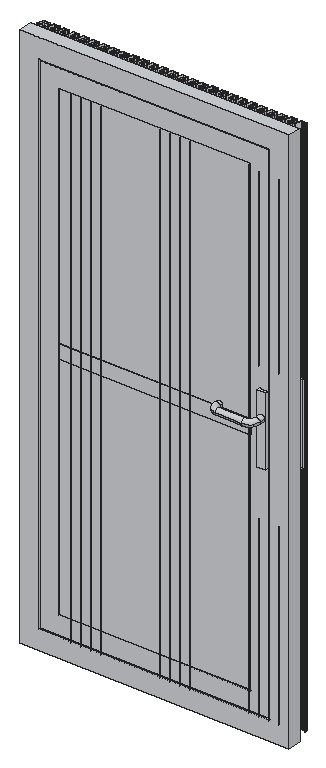
Revit family "NLRS_31_DO_WB_VS27 enkele deur-AV_jazo_jazo", category Doors, host Wall, Revit 2020
Family settings
  Host = Wall
  OmniClass Number = 23.30.10.00
  OmniClass Title = Doors
  Always vertical = Yes
  Cut with Voids When Loaded = No
  Shared = No
  Room Calculation Point = No
Parameters (values of type "TYPE CATALOG")
  URL = "www.jazo.com"
  Thickness = if(JAZO_C_forster presto kozijn, 50 mm, if(JAZO_C_aluminium kozijn, 60 mm, 50 mm))  # 50 mm
  Rough Width = NLRS_C_breedte_01  # 990 mm
  Rough Height = NLRS_C_hoogte_01  # 2010 mm
  Operation = ""
  Negge = 41 mm
  NLRS_C_zelfsluitend = no
  NLRS_C_weerstandsklasse = "Voor specificaties of mogelijkheden, neem contact op."  # constant formula
  NLRS_C_vluchtroute = "Voor specificaties of mogelijkheden, neem contact op."  # constant formula
  NLRS_C_stelruimte = if(NLRS_C_brandwerend, 10 mm, 5 mm)  # 5 mm
  NLRS_C_rookwerendheid = "Voor specificaties of mogelijkheden, neem contact op."  # constant formula
  NLRS_C_offset_02 = if(JAZO_C_calculatie_01 < 1 mm, 1 mm, if(JAZO_C_calculatie_01 < 5 mm, 1 mm, if(JAZO_C_calculatie_01 < 10 mm, 5 mm, if(JAZO_C_calculatie_01 < 15 mm, 10 mm, if(JAZO_C_calculatie_01 < 20 mm, 15 mm, if(JAZO_C_calculatie_01 < 25 mm, 20 mm, if(JAZO_C_calculatie_01 < 30 mm, 25 mm, if(JAZO_C_calculatie_01 < 35 mm, 30 mm, if(JAZO_C_calculatie_01 < 40 mm, 35 mm, 42 mm)))))))))  # 35 mm
  NLRS_C_offset_01 = (NLRS_C_breedte - 4 mm - 51.2 mm - 159.3 mm - 4 mm - NLRS_C_lengte_01) / 2  # 2.75 mm
  NLRS_C_offset = Negge  # 41 mm
  NLRS_C_merk = "Voor specificaties of mogelijkheden, neem contact op."  # constant formula
  NLRS_C_leverancier_url = "www.jazo.com"  # constant formula
  NLRS_C_leverancier_telefoonnummer = "+31 316 - 59 29 11"  # constant formula
  NLRS_C_leverancier_postcode = "6905 DJ"  # constant formula
  NLRS_C_leverancier_plaats = "Zevenaar"  # constant formula
  NLRS_C_leverancier_email = "info@jazo.com"  # constant formula
  NLRS_C_leverancier_bedrijfsnaam = "JAZO Zevenaar bv"  # constant formula
  NLRS_C_leverancier_adres = "Handelsdwarsstraat 10"  # constant formula
  NLRS_C_lengte_03 = 1050 mm - 185 mm + 4 mm  # 869 mm
  NLRS_C_lengte_02 = NLRS_C_hoogte - 1050 mm - 110 mm + 15 mm  # 855 mm
  NLRS_C_lengte_01 = NLRS_C_aantal_01 * 36 mm  # 756 mm
  NLRS_C_inbraakwerend = no
  NLRS_C_hoogte_min = if(JAZO_C_forster presto kozijn, if(and(NLRS_C_brandwerend, NLRS_C_inbraakwerend), 2050 mm, if(NLRS_C_inbraakwerend, 2050 mm, if(NLRS_C_brandwerend, 2000 mm, 1850 mm))), if(JAZO_C_aluminium kozijn, 1850 mm, 1850 mm))  # 1850 mm
  NLRS_C_hoogte_max = if(JAZO_C_forster presto kozijn, if(NLRS_C_inbraakwerend, 2640 mm, 3000 mm), if(JAZO_C_aluminium kozijn, if(NLRS_C_inbraakwerend, 2645 mm, 3200 mm), 2000 mm))  # 3000 mm
  NLRS_C_hoogte_01 = NLRS_C_hoogte + (NLRS_C_stelruimte * 2)  # 2010 mm
  NLRS_C_hoogte = if(Height < NLRS_C_hoogte_min, NLRS_C_hoogte_min, if(Height > NLRS_C_hoogte_max, NLRS_C_hoogte_max, Height))  # 2000 mm
  NLRS_C_geluidwering Rw = "Voor specificaties of mogelijkheden, neem contact op."  # constant formula
  NLRS_C_diepte_02 = if(JAZO_C_forster presto kozijn, 50 mm, 30 mm)  # 50 mm
  NLRS_C_diepte_01 = if(JAZO_C_forster presto kozijn, 91 mm, 101 mm)  # 91 mm
  NLRS_C_diepte = Thickness  # 50 mm
  NLRS_C_content_versie = "2.4"  # constant formula
  NLRS_C_content_revit versie = "REVIT 2020.2"  # constant formula
  NLRS_C_content_provider = "JAZO Zevenaar bv"  # constant formula
  NLRS_C_content_datum uitgifte = "17-8-2022"  # constant formula
  NLRS_C_content_datum gewijzigd = "7-11-2022"  # constant formula
  NLRS_C_content_creator = "JAZO Zevenaar bv"  # constant formula
  NLRS_C_breedte_min = 850 mm  # constant formula
  NLRS_C_breedte_max = if(JAZO_C_forster presto kozijn, if(NLRS_C_inbraakwerend, 1440 mm, 1500 mm), if(JAZO_C_aluminium kozijn, if(NLRS_C_inbraakwerend, 1661 mm, 1400 mm), 1000 mm))  # 1500 mm
  NLRS_C_breedte_01 = NLRS_C_breedte + NLRS_C_stelruimte * 2  # 990 mm
  NLRS_C_breedte = if(Width < NLRS_C_breedte_min, NLRS_C_breedte_min, if(Width > NLRS_C_breedte_max, NLRS_C_breedte_max, Width))  # 980 mm
  NLRS_C_brandwerend = no
  NLRS_C_aantal_01 = rounddown((NLRS_C_breedte - 4 mm - 51.2 mm - 159.3 mm - 4 mm) / 36 mm)  # 21
  Model = "VS27 enkele deur"  # constant formula
  Manufacturer = "JAZO Zevenaar bv"  # constant formula
  MIN WIDTH = NLRS_C_breedte_min  # 850 mm
  MIN HEIGHT = NLRS_C_hoogte_min  # 1850 mm
  MAX WIDTH = NLRS_C_breedte_max  # 1500 mm
  MAX HEIGHT = NLRS_C_hoogte_max  # 3000 mm
  JAZO_C_ventilerend = no
  JAZO_C_paniekfunctie = no
  JAZO_C_opbouwrooster VS27 = if(or(JAZO_C_aluminium kozijn, JAZO_C_forster presto kozijn), 1 < 2, 2 < 1)  # yes
  JAZO_C_niet ventilerend = yes
  JAZO_C_materiaal schoep = none
  JAZO_C_materiaal scharnier = none
  JAZO_C_materiaal forster presto sandwichpaneel = none
  JAZO_C_materiaal forster presto kozijn = none
  JAZO_C_materiaal forster presto deurprofiel = none
  JAZO_C_materiaal beslag = none
  JAZO_C_materiaal aluminium planken = none
  JAZO_C_materiaal aluminium kozijn = none
  JAZO_C_forster presto kozijn = yes
  JAZO_C_dagmaat hoogte = if(JAZO_C_forster presto kozijn, NLRS_C_hoogte - 70 mm - 70 mm, if(JAZO_C_aluminium kozijn, NLRS_C_hoogte - 52 mm - 52 mm, 0 mm))  # 1860 mm
  JAZO_C_dagmaat breedte = if(JAZO_C_forster presto kozijn, NLRS_C_breedte - 70 mm - 70 mm, if(JAZO_C_aluminium kozijn, NLRS_C_breedte - 52 mm - 52 mm, 0 mm))  # 840 mm
  JAZO_C_calculatie_01 = if(JAZO_C_aluminium kozijn, 43.5 mm - NLRS_C_offset_01, if(JAZO_C_forster presto kozijn, 39.5 mm - NLRS_C_offset_01, 42 mm))  # 36.75 mm
  JAZO_C_aluminium kozijn = no
  Function = Exterior
  Height = 2000 mm
  Wall Closure = By host
  Width = 980 mm
  Description = "VS27 enkele deur"  # constant formula
  Define Thermal Properties by = User Defined
  Construction Type = "Voor specificaties of mogelijkheden, neem contact op."  # constant formula
  Assembly Code = "23.30.10.00"
  Analytic Construction = "<None>"
Reference planes
  plane 1 "Center (Front/Back)": y = 0
  plane 2 "Center (Left/Right)": x = 0
  plane 3 "Left": x = -490
  plane 4 "Right": x = 490
  plane 5 "Top": z = 2005
  plane 6 "Exterior": y = 75
  plane 7 "Interior": y = -75
  plane 8 "stelruimte r": x = 495
  plane 9 "stelruimte l": x = -495
  plane 10 "stelruimte b": z = 2010
  plane 11 "stelruimte o": z = 5
  plane 12 "center kozijn": y = 9
  plane 13 "Center": z = 1005
  plane 14 "voorkant kozijn": y = 34
  plane 15 "achterkant kozijn": y = -16
  plane 16 "voorkant schoep": y = 75
  plane 17 "center kozijn + schoep": y = 29.5
  plane 18 "offset L": x = -487.25
  plane 19 "sectie 1": x = -432.05
  plane 20 "start schoep": x = -483.25
  plane 21 "offset M": x = 486
  plane 22 "offset R": x = 483.25
  plane 23 "sectie 2": x = 323.95
  plane 24: z = 870
  plane 25 "beslag": z = 1055
Lines and regions (mm)
  Opening 1
    outline origin (-3161.91, -75, 0) x (1, 0, 0) y (0, 0, 1)
      loop
        line (2666.91, 0) -> (3656.91, 0) -> (3656.91, 2010) -> (2666.91, 2010) -> (2666.91, 0)
  symbolic lines, style "Swing Elevation"
    curve 1: line (490, -75, 1005) -> (-490, -75, 2005)
    curve 2: line (490, -75, 1005) -> (-490, -75, 0)
Text (mm)
  text "Exterior" at (-2295.016, 1099.543, 0), in view "Ref. Level"
  text "Exterior" at (0, 1615.38, 3698.081), in view "Left"
  text "Exterior" at (0, 1036.032, 3874.932), in view "Right"
Dimensions and locks
  equal spacing: plane 9 "stelruimte l", plane 2 "Center (Left/Right)", plane 8 "stelruimte r"
  "NLRS_C_breedte": plane 3 "Left" to plane 4 "Right"
  "NLRS_C_hoogte": plane 5 "Top" to plane 11 "stelruimte o"
  "NLRS_C_hoogte_01": host wall to plane 10 "stelruimte b"
  locked: plane 6 "Exterior" to host wall
  locked: plane 7 "Interior" to host wall
  "NLRS_C_breedte_01": plane 9 "stelruimte l" to plane 8 "stelruimte r"
  equal spacing: plane 3 "Left", plane 2 "Center (Left/Right)", plane 4 "Right"
  equal spacing: plane 11 "stelruimte o", plane 13 "Center", plane 5 "Top"
  "NLRS_C_stelruimte": level to plane 11 "stelruimte o"
  equal spacing: plane 14 "voorkant kozijn", plane 12 "center kozijn", plane 15 "achterkant kozijn"
  "NLRS_C_diepte": plane 14 "voorkant kozijn" to plane 15 "achterkant kozijn"
  "NLRS_C_diepte_01": plane 16 "voorkant schoep" to plane 15 "achterkant kozijn"
  equal spacing: plane 16 "voorkant schoep", plane 17 "center kozijn + schoep", plane 15 "achterkant kozijn"
  "NLRS_C_offset": plane 14 "voorkant kozijn" to plane 6 "Exterior"
  locked: nested 12 to plane 5 "Top" at 180
  locked: plane 11 "stelruimte o" to nested 10 at 180
  locked: nested 9 to plane 5 "Top" at 180
  locked: plane 11 "stelruimte o" to nested 7 at 180
  "NLRS_C_offset_01": plane 3 "Left" to plane 18 "offset L"
  locked: plane 20 "start schoep" to plane 19 "sectie 1" at 51.2
  locked: plane 18 "offset L" to plane 20 "start schoep" at 4
  equal spacing: group 1, group 2, group 3, group 4, group 5, group 6, group 7, group 8, group 9, group 10, group 11, group 12, group 13, group 14, group 15, group 16, group 17, group 26, group 27, group 28, group 29  (x3)
  locked: plane 19 "sectie 1" to nested 15 at 36
  locked: plane 21 "offset M" to plane 4 "Right" at 4
  "NLRS_C_offset_01": plane 22 "offset R" to plane 21 "offset M"
  "NLRS_C_lengte_01": plane 19 "sectie 1" to plane 23 "sectie 2"
  plane 23 "sectie 2" to plane 22 "offset R" = 159.3 mm
  locked: plane 11 "stelruimte o" to plane 25 "beslag" at 1050
  locked: plane 24 to plane 25 "beslag" at 185
  equal spacing: group 21, group 20, group 19, group 18
  equal spacing: group 18, group 19, group 20, group 21  (x2)
  locked: nested 33 to plane 22 "offset R" at 36
  equal spacing: group 25, group 24, group 23, group 22  (x2)
  equal spacing: group 22, group 23, group 24, group 25
  locked: nested 37 to plane 22 "offset R" at 36
  aligned and locked: Opening 1 sketch curve to level
  aligned and locked: plane 1 "Center (Front/Back)" to host wall
  aligned and locked: Opening 1 sketch curve to plane 9 "stelruimte l"
  aligned and locked: plane 10 "stelruimte b" to Opening 1 sketch curve
  aligned and locked: Opening 1 sketch curve to plane 8 "stelruimte r"
  aligned and locked: plane 2 "Center (Left/Right)" to nested 1
  aligned and locked: nested 1 to plane 12 "center kozijn"
  aligned and locked: nested 1 to plane 5 "Top"
  aligned and locked: nested 2 to plane 12 "center kozijn"
  aligned and locked: plane 2 "Center (Left/Right)" to nested 2
  aligned and locked: plane 2 "Center (Left/Right)" to nested 3
  aligned and locked: nested 3 to plane 12 "center kozijn"
  aligned and locked: nested 4 to plane 12 "center kozijn"
  aligned and locked: plane 2 "Center (Left/Right)" to nested 4
  aligned and locked: nested 2 to plane 5 "Top"
  aligned and locked: nested 4 to plane 5 "Top"
  aligned and locked: plane 2 "Center (Left/Right)" to nested 5
  aligned and locked: nested 5 to plane 17 "center kozijn + schoep"
  aligned and locked: plane 13 "Center" to nested 3
  aligned and locked: nested 6 to plane 14 "voorkant kozijn"
  aligned and locked: nested 6 to plane 3 "Left"
  aligned and locked: nested 7 to plane 3 "Left"
  aligned and locked: nested 8 to plane 3 "Left"
  aligned and locked: nested 9 to plane 3 "Left"
  aligned and locked: plane 14 "voorkant kozijn" to nested 9
  aligned and locked: plane 14 "voorkant kozijn" to nested 8
  aligned and locked: plane 14 "voorkant kozijn" to nested 7
  aligned and locked: nested 10 to plane 3 "Left"
  aligned and locked: nested 11 to plane 3 "Left"
  aligned and locked: nested 12 to plane 3 "Left"
  aligned and locked: plane 14 "voorkant kozijn" to nested 10
  aligned and locked: plane 14 "voorkant kozijn" to nested 12
  aligned and locked: plane 14 "voorkant kozijn" to nested 11
  aligned and locked: plane 13 "Center" to nested 11
  aligned and locked: plane 13 "Center" to nested 8
  aligned and locked: nested 13 to plane 14 "voorkant kozijn"
  aligned and locked: nested 13 to plane 13 "Center"
  aligned and locked: nested 13 to plane 20 "start schoep"
  aligned and locked: plane 19 "sectie 1" to nested 14
  aligned and locked: nested 14 to plane 14 "voorkant kozijn"
  aligned and locked: nested 14 to plane 13 "Center"
  aligned and locked: nested 15 to plane 14 "voorkant kozijn"
  aligned and locked: nested 15 to plane 13 "Center"
  aligned and locked: nested 31 to plane 22 "offset R"
  aligned and locked: plane 25 "beslag" to nested 31
  aligned and locked: plane 22 "offset R" to nested 32
  aligned and locked: nested 32 to plane 14 "voorkant kozijn"
  aligned and locked: nested 35 to plane 14 "voorkant kozijn"
  aligned and locked: plane 24 to nested 35
  aligned and locked: plane 24 to nested 32
  aligned and locked: nested 31 to plane 14 "voorkant kozijn"
  aligned and locked: plane 22 "offset R" to nested 36
  aligned and locked: nested 36 to plane 14 "voorkant kozijn"
  aligned and locked: nested 39 to plane 14 "voorkant kozijn"
  aligned and locked: plane 5 "Top" to nested 39
  aligned and locked: plane 5 "Top" to nested 36
  aligned and locked: plane 2 "Center (Left/Right)" to nested 40
  aligned and locked: nested 40 to plane 12 "center kozijn"
  aligned and locked: nested 40 to plane 5 "Top"
  aligned and locked: nested 41 to plane 22 "offset R"
  aligned and locked: nested 41 to plane 16 "voorkant schoep"
  aligned and locked: plane 14 "voorkant kozijn" to nested 45
  aligned and locked: nested 45 to plane 3 "Left"
  aligned and locked: plane 2 "Center (Left/Right)" to nested 47
  aligned and locked: nested 47 to plane 17 "center kozijn + schoep"
Automatic sketch dimensions
  plane 4 "Right" to curve 2 = 0 mm
  curve 2 to level = 0 mm
  curve 2 to plane 13 "Center" = 0 mm
  plane 3 "Left" to curve 1 = 0 mm
  curve 1 to plane 5 "Top" = 0 mm
  plane 3 "Left" to curve 2 = 0 mm
Nested families
  nested 1: "NLRS_31_GM_UN_forster presto kozijn-AV" at (0, 9, 5), type "forster presto kozijn"
    with NLRS_C_breedte 980 mm
  nested 2: "NLRS_31_GM_UN_forster presto deurprofiel-AV" at (0, 9, 5), type "forster presto deurprofiel"
    with NLRS_C_breedte 980 mm
  nested 3: "NLRS_31_GM_UN_forster presto sandwichpaneel opbouwroosters-AV" at (0, 9, 5), type "forster presto sandiwchpaneel opbouwroosters"
    with NLRS_C_zichtbaar_02 no, NLRS_C_breedte_01 700 mm, NLRS_C_breedte 980 mm, NLRS_C_brandwerend no, JAZO_C_ventilerend no, JAZO_C_niet ventilerend yes
  nested 4: "NLRS_31_GM_UN_aluminium planken opbouwroosters-AV" at (0, 24.008, 5), type "aluminium planken"
    with NLRS_C_zichtbaar_01 no, NLRS_C_hoogte_04 759.5 mm, NLRS_C_hoogte_03 755.5 mm, NLRS_C_hoogte_02 1930 mm, NLRS_C_hoogte 2000 mm, NLRS_C_breedte_03 722 mm, NLRS_C_breedte_02 733 mm, NLRS_C_breedte_01 932 mm, NLRS_C_breedte 980 mm, NLRS_C_aantal_02 38, NLRS_C_aantal_01 38, JAZO_C_aluminium kozijn no
  nested 5: "NLRS_31_GA_UN_error message" at (0, 29.5, 0), type "error message"
    with NLRS_C_zichtbaar_10 no, NLRS_C_zichtbaar_05 no, NLRS_C_hoogte_max 3000 mm, NLRS_C_hoogte 2000 mm, NLRS_C_breedte_max 1500 mm, NLRS_C_breedte 980 mm, NLRS_C_brandwerend no, JAZO_C_aluminium kozijn no
  nested 6: "NLRS_31_DI_UN_scharnier detail HS27R" at (-490, 34, 0), type "scharnier detail HS27R"
    with JAZO_C_forster presto kozijn yes, JAZO_C_aluminium kozijn no
  nested 7: "NLRS_31_GM_UN_scharnier staal HS27R-AV" at (-470, 68, 99.5), type "scharnier staal HS27R"
  nested 8: "NLRS_31_GM_UN_scharnier staal HS27R-AV" at (-470, 68, 919.5), type "scharnier staal HS27R"
  nested 9: "NLRS_31_GM_UN_scharnier staal HS27R-AV" at (-470, 68, 1739.5), type "scharnier staal HS27R"
  nested 10: "NLRS_31_GM_UN_scharnier aluminium HS27R-AV" at (-470, 75.5, 95), type "scharnier aluminium HS27R"
    with JAZO_C_aluminium kozijn no
  nested 11: "NLRS_31_GM_UN_scharnier aluminium HS27R-AV" at (-470, 75.5, 915), type "scharnier aluminium HS27R"
    with JAZO_C_aluminium kozijn no
  nested 12: "NLRS_31_GM_UN_scharnier aluminium HS27R-AV" at (-470, 75.5, 1735), type "scharnier aluminium HS27R"
    with JAZO_C_aluminium kozijn no
  nested 13: "NLRS_31_GM_UN_VS27 start schoep-AV" at (-450.003, 60, 5) x (-1, 0, 0) z (0, 0, 1), NLRS_C_hoogte <- "NLRS_C_hoogte", type "VS27 start schoep"
    with NLRS_C_hoogte 2000 mm, NLRS_C_afstand 35 mm
  nested 14: "NLRS_31_GM_UN_VS27 schoep-AV" at (-406.412, 60.012, 5) x (-1, 0, 0) z (0, 0, 1), NLRS_C_hoogte <- "NLRS_C_hoogte", type "VS27 schoep"
    with NLRS_C_hoogte 2000 mm
  nested 15: "NLRS_31_GM_UN_VS27 schoep-AV" at (-370.412, 60.012, 5) x (-1, 0, 0) z (0, 0, 1), NLRS_C_hoogte <- "NLRS_C_hoogte", type "VS27 schoep"
    with NLRS_C_hoogte 2000 mm
  nested 16: "NLRS_31_GM_UN_VS27 schoep-AV" at (-334.412, 60.012, 5) x (-1, 0, 0) z (0, 0, 1), NLRS_C_hoogte <- "NLRS_C_hoogte", type "VS27 schoep"
    with NLRS_C_hoogte 2000 mm
  nested 17: "NLRS_31_GM_UN_VS27 schoep-AV" at (-298.412, 60.012, 5) x (-1, 0, 0) z (0, 0, 1), NLRS_C_hoogte <- "NLRS_C_hoogte", type "VS27 schoep"
    with NLRS_C_hoogte 2000 mm
  nested 18: "NLRS_31_GM_UN_VS27 schoep-AV" at (-262.412, 60.012, 5) x (-1, 0, 0) z (0, 0, 1), NLRS_C_hoogte <- "NLRS_C_hoogte", type "VS27 schoep"
    with NLRS_C_hoogte 2000 mm
  nested 19: "NLRS_31_GM_UN_VS27 schoep-AV" at (-226.412, 60.012, 5) x (-1, 0, 0) z (0, 0, 1), NLRS_C_hoogte <- "NLRS_C_hoogte", type "VS27 schoep"
    with NLRS_C_hoogte 2000 mm
  nested 20: "NLRS_31_GM_UN_VS27 schoep-AV" at (-190.412, 60.012, 5) x (-1, 0, 0) z (0, 0, 1), NLRS_C_hoogte <- "NLRS_C_hoogte", type "VS27 schoep"
    with NLRS_C_hoogte 2000 mm
  nested 21: "NLRS_31_GM_UN_VS27 schoep-AV" at (-154.412, 60.012, 5) x (-1, 0, 0) z (0, 0, 1), NLRS_C_hoogte <- "NLRS_C_hoogte", type "VS27 schoep"
    with NLRS_C_hoogte 2000 mm
  nested 22: "NLRS_31_GM_UN_VS27 schoep-AV" at (-118.412, 60.012, 5) x (-1, 0, 0) z (0, 0, 1), NLRS_C_hoogte <- "NLRS_C_hoogte", type "VS27 schoep"
    with NLRS_C_hoogte 2000 mm
  nested 23: "NLRS_31_GM_UN_VS27 schoep-AV" at (-82.412, 60.012, 5) x (-1, 0, 0) z (0, 0, 1), NLRS_C_hoogte <- "NLRS_C_hoogte", type "VS27 schoep"
    with NLRS_C_hoogte 2000 mm
  nested 24: "NLRS_31_GM_UN_VS27 schoep-AV" at (-46.412, 60.012, 5) x (-1, 0, 0) z (0, 0, 1), NLRS_C_hoogte <- "NLRS_C_hoogte", type "VS27 schoep"
    with NLRS_C_hoogte 2000 mm
  nested 25: "NLRS_31_GM_UN_VS27 schoep-AV" at (-10.412, 60.012, 5) x (-1, 0, 0) z (0, 0, 1), NLRS_C_hoogte <- "NLRS_C_hoogte", type "VS27 schoep"
    with NLRS_C_hoogte 2000 mm
  nested 26: "NLRS_31_GM_UN_VS27 schoep-AV" at (25.588, 60.012, 5) x (-1, 0, 0) z (0, 0, 1), NLRS_C_hoogte <- "NLRS_C_hoogte", type "VS27 schoep"
    with NLRS_C_hoogte 2000 mm
  nested 27: "NLRS_31_GM_UN_VS27 schoep-AV" at (61.588, 60.012, 5) x (-1, 0, 0) z (0, 0, 1), NLRS_C_hoogte <- "NLRS_C_hoogte", type "VS27 schoep"
    with NLRS_C_hoogte 2000 mm
  nested 28: "NLRS_31_GM_UN_VS27 schoep-AV" at (97.588, 60.012, 5) x (-1, 0, 0) z (0, 0, 1), NLRS_C_hoogte <- "NLRS_C_hoogte", type "VS27 schoep"
    with NLRS_C_hoogte 2000 mm
  nested 29: "NLRS_31_GM_UN_VS27 schoep-AV" at (133.588, 60.012, 5) x (-1, 0, 0) z (0, 0, 1), NLRS_C_hoogte <- "NLRS_C_hoogte", type "VS27 schoep"
    with NLRS_C_hoogte 2000 mm
  nested 30: "NLRS_31_GM_UN_VS27 schoep-AV" at (169.588, 60.012, 5) x (-1, 0, 0) z (0, 0, 1), NLRS_C_hoogte <- "NLRS_C_hoogte", type "VS27 schoep"
    with NLRS_C_hoogte 2000 mm
  nested 31: "NLRS_31_GM_UN_beslagbak VS27-AV" at (388.25, 45, 870), type "beslagbak VS27"
    with NLRS_C_diepte_01 50 mm
  nested 32: "NLRS_31_GM_UN_VS27 schoep-AV" at (457.612, 60.012, 5) x (-1, 0, 0) z (0, 0, 1), NLRS_C_hoogte <- "NLRS_C_lengte_03", type "VS27 schoep"
    with NLRS_C_hoogte 869 mm
  nested 33: "NLRS_31_GM_UN_VS27 schoep-AV" at (421.612, 60.012, 5) x (-1, 0, 0) z (0, 0, 1), NLRS_C_hoogte <- "NLRS_C_lengte_03", type "VS27 schoep"
    with NLRS_C_hoogte 869 mm
  nested 34: "NLRS_31_GM_UN_VS27 schoep-AV" at (385.612, 60.012, 5) x (-1, 0, 0) z (0, 0, 1), NLRS_C_hoogte <- "NLRS_C_lengte_03", type "VS27 schoep"
    with NLRS_C_hoogte 869 mm
  nested 35: "NLRS_31_GM_UN_VS27 schoep-AV" at (349.612, 60.012, 5) x (-1, 0, 0) z (0, 0, 1), NLRS_C_hoogte <- "NLRS_C_lengte_03", type "VS27 schoep"
    with NLRS_C_hoogte 869 mm
  nested 36: "NLRS_31_GM_UN_VS27 schoep-AV" at (457.612, 60.012, 1150) x (-1, 0, 0) z (0, 0, 1), NLRS_C_hoogte <- "NLRS_C_lengte_02", type "VS27 schoep"
    with NLRS_C_hoogte 855 mm
  nested 37: "NLRS_31_GM_UN_VS27 schoep-AV" at (421.612, 60.012, 1150) x (-1, 0, 0) z (0, 0, 1), NLRS_C_hoogte <- "NLRS_C_lengte_02", type "VS27 schoep"
    with NLRS_C_hoogte 855 mm
  nested 38: "NLRS_31_GM_UN_VS27 schoep-AV" at (385.612, 60.012, 1150) x (-1, 0, 0) z (0, 0, 1), NLRS_C_hoogte <- "NLRS_C_lengte_02", type "VS27 schoep"
    with NLRS_C_hoogte 855 mm
  nested 39: "NLRS_31_GM_UN_VS27 schoep-AV" at (349.612, 60.012, 1150) x (-1, 0, 0) z (0, 0, 1), NLRS_C_hoogte <- "NLRS_C_lengte_02", type "VS27 schoep"
    with NLRS_C_hoogte 855 mm
  nested 40: "NLRS_31_GM_UN_aluminium kozijn VS-AV" at (0, 9, 5), type "aluminium kozijn"
    with NLRS_C_zichtbaar_01 no, NLRS_C_hoogte 2000 mm, NLRS_C_breedte 980 mm
  nested 41: "NLRS_31_DI_UN_beslagbak detail VS27" at (398.85, 75, 0), type "beslagbak detail VS27"
  nested 42: "NLRS_31_GM_UN_VS27 schoep-AV" at (205.588, 60.012, 5) x (-1, 0, 0) z (0, 0, 1), NLRS_C_hoogte <- "NLRS_C_hoogte", type "VS27 schoep"
    with NLRS_C_hoogte 2000 mm
  nested 43: "NLRS_31_GM_UN_VS27 schoep-AV" at (241.588, 60.012, 5) x (-1, 0, 0) z (0, 0, 1), NLRS_C_hoogte <- "NLRS_C_hoogte", type "VS27 schoep"
    with NLRS_C_hoogte 2000 mm
  nested 44: "NLRS_31_GM_UN_VS27 schoep-AV" at (277.588, 60.012, 5) x (-1, 0, 0) z (0, 0, 1), NLRS_C_hoogte <- "NLRS_C_hoogte", type "VS27 schoep"
    with NLRS_C_hoogte 2000 mm
  nested 45: "NLRS_31_GM_UN_door swing" at (-490, 34, 0) x (-1, 0, 0) z (0, 0, 1), NLRS_C_breedte <- "NLRS_C_breedte", visible <- "JAZO_C_opbouwrooster VS27", type "door swing"
    with NLRS_C_hoek 90.00°, NLRS_C_breedte 980 mm
  nested 46: "NLRS_31_GM_UN_VS27 schoep-AV" at (313.588, 60.012, 5) x (-1, 0, 0) z (0, 0, 1), NLRS_C_hoogte <- "NLRS_C_hoogte", type "VS27 schoep"
    with NLRS_C_hoogte 2000 mm
  nested 47: "NLRS_31_GA_UN_error message paniekfunctie" at (0, 29.5, 0), type "error message"
    with NLRS_C_zichtbaar_01 no, NLRS_C_inbraakwerend no, JAZO_C_ventilerend no, JAZO_C_paniekfunctie no
Definition of nested family "NLRS_31_GM_UN_forster presto kozijn-AV"
  Parameters (values of type "forster presto kozijn")
    URL = "www.jazo.com"
    NLRS_C_zichtbaar_01 = yes
    NLRS_C_materiaal = none
    NLRS_C_hoogte = 2000 mm
    NLRS_C_diepte = 50 mm  # constant formula
    NLRS_C_breedte = 2500 mm
    Model = "Forster Presto kozijn"
    Manufacturer = "JAZO Zevenaar bv"
    Description = "Forster Presto kozijn"
    Default Elevation = 0 mm
    Assembly Code = "23.30.10.11.11"
  Reference planes
    plane 1 "Center (Front/Back)": y = 0
    plane 2 "Bottom": z = 0
    plane 3 "Center (Left/Right)": x = 0
    plane 4 "Left": x = -1250
    plane 5 "Right": x = 1250
    plane 6 "Top": z = 2000
    plane 7 "voorkant kozijn": y = 25
    plane 8 "achterkant kozijn": y = -25
  Forms (mm)
    Sweep 1, solid, material <- "NLRS_C_materiaal", visible <- "NLRS_C_zichtbaar_01"
      path origin (0, 0, 0) x (1, 0, 0) y (0, 0, 1)
        loop
          line (-1250, 2000) -> (-1250, 0) -> (1250, 0) -> (1250, 2000) -> (-1250, 2000)
      profile origin (0, 0, 2000) x (0, 0, 1) y (0, -1, 0)
        loop
          line (0, -25) -> (0, 25) -> (-50, 25) -> (-70, 25) -> (-70, 22.003) -> (-50, 22.003) -> (-50, -19) -> (-36, -19) -> (-36, -25) -> (0, -25)
  Lines and regions (mm)
    symbolic lines, visible <- "NLRS_C_zichtbaar_01"
      curve 1: line (-1181.52, -25, 0) -> (1181.52, -25, 0)
      curve 2: line (-1216.25, 25, 0) -> (1216.25, 25, 0)
    symbolic lines
      curve 3: line (0, -25, 1931.52) -> (0, -25, 68.48)
      curve 4: line (0, 25, 33.75) -> (0, 25, 1966.25)
  Dimensions and locks
    "NLRS_C_hoogte": plane 6 "Top" to plane 2 "Bottom"
    "NLRS_C_diepte": plane 7 "voorkant kozijn" to plane 8 "achterkant kozijn"
    "NLRS_C_breedte": plane 4 "Left" to plane 5 "Right"
    equal spacing: plane 4 "Left", plane 3 "Center (Left/Right)", plane 5 "Right"
    aligned and locked: level to plane 2 "Bottom"
    aligned and locked: Sweep 1 to plane 8 "achterkant kozijn"
    aligned and locked: Sweep 1 to plane 7 "voorkant kozijn"
    aligned and locked: nested 1 to plane 8 "achterkant kozijn"
    aligned and locked: nested 2 to plane 8 "achterkant kozijn"
    aligned and locked: Sweep 1 sketch curve to plane 6 "Top"
    aligned and locked: Sweep 1 sketch curve to plane 4 "Left"
    aligned and locked: plane 5 "Right" to Sweep 1 sketch curve
    aligned and locked: plane 2 "Bottom" to Sweep 1 sketch curve
    aligned and locked: nested 1 to plane 4 "Left"
    aligned and locked: nested 2 to plane 5 "Right"
    aligned and locked: nested 4 to plane 6 "Top"
    aligned and locked: nested 3 to plane 2 "Bottom"
    aligned and locked: curve 1 to plane 8 "achterkant kozijn"
    aligned and locked: curve 2 to plane 7 "voorkant kozijn"
    aligned and locked: plane 8 "achterkant kozijn" to curve 3
    aligned and locked: curve 4 to plane 7 "voorkant kozijn"
  Automatic sketch dimensions
    profile plane to Sweep 1 sketch curve = 0 mm
    profile plane to Sweep 1 sketch curve = 36 mm
    Sweep 1 sketch curve to Sweep 1 sketch curve = 14 mm
    Sweep 1 sketch curve to Sweep 1 sketch curve = 0 mm
    Sweep 1 sketch curve to Sweep 1 sketch curve = 20 mm
    Sweep 1 sketch curve to plane 1 "Center (Front/Back)" = 25 mm
    Sweep 1 sketch curve to Sweep 1 sketch curve = 6 mm
    plane 1 "Center (Front/Back)" to Sweep 1 sketch curve = 22.003 mm
    Sweep 1 sketch curve to Sweep 1 sketch curve = 2.997 mm
    curve 2 to plane 4 "Left" = 33.75 mm
    curve 2 to curve 1 = 34.73 mm
    plane 5 "Right" to curve 1 = 68.48 mm
    plane 5 "Right" to curve 2 = 33.75 mm
    level to curve 4 = 33.75 mm
    curve 4 to curve 3 = 34.73 mm
    curve 3 to plane 6 "Top" = 68.48 mm
    curve 4 to plane 6 "Top" = 33.75 mm
  Nested families
    nested 1: "NLRS_31_DI_UN_forster presto kozijn detail" at (-1250, -25, 0) x (0, 1, 0) z (0, 0, 1), visible <- "NLRS_C_zichtbaar_01", type "forster presto kozijn detail"
    nested 2: "NLRS_31_DI_UN_forster presto kozijn detail" at (1250, -25, 0) x (0, 1, 0) z (0, 0, 1), visible <- "NLRS_C_zichtbaar_01", type "forster presto kozijn detail"
    nested 3: "NLRS_31_DI_UN_forster presto kozijn detail" at (0, -25, 0) x (0, 1, 0) z (1, 0, 0), visible <- "NLRS_C_zichtbaar_01", type "forster presto kozijn detail"
    nested 4: "NLRS_31_DI_UN_forster presto kozijn detail" at (0, -25, 2000) x (0, 1, 0) z (1, 0, 0), visible <- "NLRS_C_zichtbaar_01", type "forster presto kozijn detail"
  Definition of nested family "NLRS_31_DI_UN_forster presto kozijn detail"
    Parameters (values of type "forster presto kozijn detail")
      URL = "www.jazo.com"
      Manufacturer = "Jazo Zevenaar BV"
      Description = "Forster presto kozijn detail"
    Reference planes
      plane 1 "Center (Front/Back)": y = 0
      plane 2: z = 0
      plane 3 "Center (Left/Right)": x = 0
    Lines and regions (mm)
      detail lines, in view "Ref. Level"
        curve 1: line (0, 2.25, 0) -> (0, 68.48, 0)
        curve 2: arc (0, 68.48, 0) -> (1.52, 70, 0) -> (3.04, 68.48, 0) r 1.52
        curve 3: line (3.04, 68.48, 0) -> (3.04, 50.75, 0)
        curve 4: arc (3.04, 50.75, 0) -> (3.26, 50.22, 0) -> (3.79, 50, 0) r 0.75
        curve 5: line (3.79, 50, 0) -> (42.48, 50, 0)
        curve 6: arc (42.48, 50, 0) -> (43.99, 48.306, 0) -> (42.134, 47, 0) r 1.52
        curve 7: line (42.134, 47, 0) -> (37, 47, 0)
        curve 8: arc (37, 46.96, 0) -> (35.51, 45.633, 0) -> (36.656, 44, 0) r 1.5
        curve 9: line (36.656, 44, 0) -> (42.79, 44, 0)
        curve 10: arc (42.79, 44, 0) -> (44.108, 43.561, 0) -> (44.901, 42.421, 0) r 2.2
        curve 11: line (45, 42.467, 0) -> (45, 36.75, 0)
        curve 12: arc (45, 36.75, 0) -> (45.22, 36.22, 0) -> (45.75, 36, 0) r 0.75
        curve 13: line (45.75, 36, 0) -> (47.75, 36, 0)
        curve 14: arc (47.75, 36, 0) -> (49.341, 35.341, 0) -> (50, 33.75, 0) r 2.25
        curve 15: line (50, 33.75, 0) -> (50, 2.25, 0)
        curve 16: arc (50, 2.25, 0) -> (49.341, 0.659, 0) -> (47.75, 0, 0) r 2.25
        curve 17: line (47.75, 0, 0) -> (2.25, 0, 0)
        curve 18: arc (2.25, 0, 0) -> (0.659, 0.659, 0) -> (0, 2.25, 0) r 2.25
        curve 19: arc (37, 48.46, 0) -> (34, 45.46, 0) -> (37, 42.46, 0) r 3
        curve 20: line (37, 42.46, 0) -> (42.75, 42.46, 0)
        curve 21: arc (42.75, 42.46, 0) -> (43.28, 42.24, 0) -> (43.5, 41.71, 0) r 0.75
        curve 22: line (43.5, 41.71, 0) -> (43.5, 36.75, 0)
        curve 23: arc (43.5, 36.75, 0) -> (44.159, 35.159, 0) -> (45.75, 34.5, 0) r 2.25
        curve 24: line (45.75, 34.5, 0) -> (47.75, 34.5, 0)
        curve 25: arc (47.75, 34.5, 0) -> (48.28, 34.28, 0) -> (48.5, 33.75, 0) r 0.75
        curve 26: line (48.5, 33.75, 0) -> (48.5, 2.25, 0)
        curve 27: arc (48.5, 2.25, 0) -> (48.28, 1.72, 0) -> (47.75, 1.5, 0) r 0.75
        curve 28: line (47.75, 1.5, 0) -> (2.25, 1.5, 0)
        curve 29: arc (2.25, 1.5, 0) -> (1.72, 1.72, 0) -> (1.5, 2.25, 0) r 0.75
        curve 30: line (1.5, 2.25, 0) -> (1.5, 68.48, 0)
        curve 31: arc (1.54, 50.75, 0) -> (2.199, 49.159, 0) -> (3.79, 48.5, 0) r 2.25
        curve 32: line (3.79, 48.5, 0) -> (42.48, 48.5, 0)
Definition of nested family "NLRS_31_GM_UN_forster presto deurprofiel-AV"
  Parameters (values of type "forster presto deurprofiel")
    URL = "www.jazo.com"
    NLRS_C_zichtbaar_01 = yes
    NLRS_C_materiaal = none
    NLRS_C_hoogte = 2000 mm
    NLRS_C_diepte = 50 mm  # constant formula
    NLRS_C_breedte = 1000 mm
    Model = "Forster Presto deurprofiel"
    Manufacturer = "JAZO Zevenaar bv"
    Description = "Forster presto deurprofiel"
    Default Elevation = 0 mm
    Assembly Code = "23.30.10.11.11"
  Reference planes
    plane 1 "Center (Front/Back)": y = 0
    plane 2 "Bottom": z = 0
    plane 3 "Center (Left/Right)": x = 0
    plane 4 "Left": x = -500
    plane 5 "Right": x = 500
    plane 6 "Top": z = 2000
    plane 7 "voorkant kozijn": y = 25
    plane 8 "achterkant kozijn": y = -25
    plane 9 "Center (Elevation)": z = 1000
  Forms (mm)
    Sweep 1, solid, material <- "NLRS_C_materiaal", visible <- "NLRS_C_zichtbaar_01"
      path origin (0, 0, 0) x (1, 0, 0) y (0, 0, 1)
        loop
          line (-500, 2000) -> (-500, 0) -> (500, 0) -> (500, 2000) -> (-500, 2000)
      profile origin (0, 0, 2000) x (0, 0, 1) y (0, -1, 0)
        loop
          line (-40, -22) -> (-60, -22) -> (-60, 19) -> (-74, 19) -> (-74, 25) -> (-140, 25) -> (-140, -22) -> (-160, -22) -> (-160, -25) -> (-40, -25) -> (-40, -22)
  Lines and regions (mm)
    symbolic lines, visible <- "NLRS_C_zichtbaar_01"
      curve 1: line (-362.25, -25, 0) -> (362.25, -25, 0)
      curve 2: line (-341.52, 25, 0) -> (341.52, 25, 0)
      curve 3: line (0, 25, 1841.52) -> (0, 25, 158.48)
      curve 4: line (0, -25, 123.75) -> (0, -25, 1862.25)
  Dimensions and locks
    equal spacing: plane 4 "Left", plane 3 "Center (Left/Right)", plane 5 "Right"
    "NLRS_C_breedte": plane 4 "Left" to plane 5 "Right"
    "NLRS_C_hoogte": plane 6 "Top" to plane 2 "Bottom"
    locked: plane 4 "Left" to nested 1 at 60
    locked: nested 2 to plane 5 "Right" at 60
    locked: nested 3 to plane 6 "Top" at 60
    equal spacing: plane 6 "Top", plane 9 "Center (Elevation)", plane 2 "Bottom"
    locked: Sweep 1 to plane 2 "Bottom" at 60
    aligned and locked: level to plane 2 "Bottom"
    aligned and locked: Sweep 1 to plane 7 "voorkant kozijn"  (x2)
    aligned and locked: plane 8 "achterkant kozijn" to nested 3
    aligned and locked: Sweep 1 sketch curve to plane 6 "Top"
    aligned and locked: Sweep 1 sketch curve to plane 4 "Left"
    aligned and locked: plane 5 "Right" to Sweep 1 sketch curve
    aligned and locked: plane 2 "Bottom" to Sweep 1 sketch curve
    aligned and locked: curve 1 to plane 8 "achterkant kozijn"
    aligned and locked: plane 7 "voorkant kozijn" to curve 2
    aligned and locked: curve 3 to plane 7 "voorkant kozijn"
    aligned and locked: curve 4 to plane 8 "achterkant kozijn"
  Automatic sketch dimensions
    profile plane to Sweep 1 sketch curve = 160 mm
    Sweep 1 sketch curve to Sweep 1 sketch curve = 20 mm  (x2)
    Sweep 1 sketch curve to Sweep 1 sketch curve = 66 mm
    Sweep 1 sketch curve to Sweep 1 sketch curve = 14 mm
    Sweep 1 sketch curve to plane 1 "Center (Front/Back)" = 25 mm
    Sweep 1 sketch curve to Sweep 1 sketch curve = 3 mm  (x2)
    Sweep 1 sketch curve to Sweep 1 sketch curve = 41 mm
    Sweep 1 sketch curve to Sweep 1 sketch curve = 6 mm
    curve 1 to plane 4 "Left" = 137.75 mm
    curve 1 to curve 2 = 20.73 mm
    plane 5 "Right" to curve 2 = 158.48 mm
    curve 2 to curve 1 = 20.73 mm
    level to curve 4 = 123.75 mm
    curve 4 to curve 3 = 34.73 mm
    curve 3 to plane 6 "Top" = 158.48 mm
    curve 3 to curve 4 = 20.73 mm
  Nested families
    nested 1: "NLRS_31_DI_UN_forster presto deurprofiel detail" at (-460, 25, 0) x (0, -1, 0) z (0, 0, 1), visible <- "NLRS_C_zichtbaar_01", type "forster presto deurprofiel detail"
    nested 2: "NLRS_31_DI_UN_forster presto deurprofiel detail" at (460, 25, 0) x (0, -1, 0) z (0, 0, 1), visible <- "NLRS_C_zichtbaar_01", type "forster presto deurprofiel detail"
    nested 3: "NLRS_31_DI_UN_forster presto deurprofiel detail" at (0, 25, 1960) x (0, -1, 0) z (1, 0, 0), visible <- "NLRS_C_zichtbaar_01", type "forster presto deurprofiel detail"
    nested 4: "NLRS_31_DI_UN_forster presto deurprofiel detail" at (0, 25, 40) x (0, -1, 0) z (1, 0, 0), visible <- "NLRS_C_zichtbaar_01", type "forster presto deurprofiel detail"
  Definition of nested family "NLRS_31_DI_UN_forster presto deurprofiel detail"
    Parameters (values of type "forster presto deurprofiel detail")
      URL = "www.jazo.com"
      Manufacturer = "Jazo Zevenaar BV"
      Description = "Forster presto deurprofiel detail"
      Assembly Code = "23.30.10.11.11"
    Reference planes
      plane 1 "Center (Front/Back)": y = 0
      plane 2: z = 0
      plane 3 "Center (Left/Right)": x = 0
    Lines and regions (mm)
      detail lines, in view "Ref. Level"
        curve 1: line (50, 36.25, 0) -> (50, 97.75, 0)
        curve 2: arc (50, 97.75, 0) -> (49.341, 99.341, 0) -> (47.75, 100, 0) r 2.25
        curve 3: line (47.75, 100, 0) -> (3.79, 100, 0)
        curve 4: arc (3.79, 100, 0) -> (3.26, 100.22, 0) -> (3.04, 100.75, 0) r 0.75
        curve 5: line (3.04, 100.75, 0) -> (3.04, 118.48, 0)
        curve 6: arc (3.04, 118.48, 0) -> (1.52, 120, 0) -> (0, 118.48, 0) r 1.52
        curve 7: line (0, 118.48, 0) -> (0, 1.52, 0)
        curve 8: arc (0, 1.52, 0) -> (1.52, 0, 0) -> (3.04, 1.52, 0) r 1.52
        curve 9: line (3.04, 1.52, 0) -> (3.04, 19.25, 0)
        curve 10: arc (3.04, 19.25, 0) -> (3.26, 19.78, 0) -> (3.79, 20, 0) r 0.75
        curve 11: line (3.79, 20, 0) -> (42.48, 20, 0)
        curve 12: arc (42.48, 20, 0) -> (44, 21.52, 0) -> (42.48, 23.04, 0) r 1.52
        curve 13: line (42.48, 23.04, 0) -> (37, 23.04, 0)
        curve 14: arc (37, 23.04, 0) -> (35.5, 24.54, 0) -> (37, 26.04, 0) r 1.5
        curve 15: line (37, 26.04, 0) -> (42.79, 26.04, 0)
        curve 16: arc (42.79, 26.04, 0) -> (44.365, 26.703, 0) -> (45, 28.29, 0) r 2.215
        curve 17: line (45, 28.29, 0) -> (45, 33.25, 0)
        curve 18: arc (45, 33.25, 0) -> (45.22, 33.78, 0) -> (45.75, 34, 0) r 0.75
        curve 19: line (45.75, 34, 0) -> (47.75, 34, 0)
        curve 20: arc (47.75, 34, 0) -> (49.341, 34.659, 0) -> (50, 36.25, 0) r 2.25
        curve 21: arc (1.54, 19.25, 0) -> (2.199, 20.841, 0) -> (3.79, 21.5, 0) r 2.25
        curve 22: line (3.79, 21.5, 0) -> (37, 21.5, 0)
        curve 23: arc (37, 21.54, 0) -> (34, 24.54, 0) -> (37, 27.54, 0) r 3
        curve 24: line (37, 27.54, 0) -> (42.75, 27.54, 0)
        curve 25: arc (42.75, 27.54, 0) -> (43.28, 27.76, 0) -> (43.5, 28.29, 0) r 0.75
        curve 26: line (43.5, 28.29, 0) -> (43.5, 33.25, 0)
        curve 27: arc (43.5, 33.25, 0) -> (44.159, 34.841, 0) -> (45.75, 35.5, 0) r 2.25
        curve 28: line (45.75, 35.5, 0) -> (47.75, 35.5, 0)
        curve 29: arc (47.75, 35.5, 0) -> (48.28, 35.72, 0) -> (48.5, 36.25, 0) r 0.75
        curve 30: line (48.5, 36.25, 0) -> (48.5, 97.75, 0)
        curve 31: arc (48.5, 97.75, 0) -> (48.28, 98.28, 0) -> (47.75, 98.5, 0) r 0.75
        curve 32: line (47.75, 98.5, 0) -> (3.79, 98.5, 0)
        curve 33: arc (3.79, 98.5, 0) -> (2.199, 99.159, 0) -> (1.54, 100.75, 0) r 2.25
        curve 34: line (37, 21.5, 0) -> (42.48, 21.52, 0)
        curve 35: line (37, 21.54, 0) -> (42.48, 21.52, 0)
        curve 36: line (1.52, 1.52, 0) -> (1.52, 118.48, 0)
Definition of nested family "NLRS_31_GM_UN_forster presto sandwichpaneel opbouwroosters-AV"
  Parameters (values of type "forster presto sandiwchpaneel opbouwroosters")
    URL = "www.jazo.com"
    NLRS_C_zichtbaar_02 = if(JAZO_C_forster presto kozijn, if(and(NLRS_C_inbraakwerend, JAZO_C_ventilerend), 1 < 2, if(and(NLRS_C_brandwerend, JAZO_C_ventilerend), 1 < 2, 2 < 1)), 2 < 1)  # yes
    NLRS_C_zichtbaar_01 = if(JAZO_C_forster presto kozijn, if(or(JAZO_C_niet ventilerend, NLRS_C_zichtbaar_02), 1 < 2, 2 < 1), 2 < 1)  # yes
    NLRS_C_offset_01 = 10 mm
    NLRS_C_materiaal = none
    NLRS_C_inbraakwerend = no
    NLRS_C_hoogte_01 = (NLRS_C_hoogte / 2) - 140 mm - 25 mm  # 835 mm
    NLRS_C_hoogte = 2000 mm
    NLRS_C_diepte = 50 mm  # constant formula
    NLRS_C_breedte_01 = NLRS_C_breedte - 280 mm  # 620 mm
    NLRS_C_breedte = 900 mm
    NLRS_C_brandwerend = yes
    NLRS_C_aantal_01 = NLRS_C_hoogte_01 / 20 mm  # 42
    Model = ""
    Manufacturer = "JAZO Zevenaar bv"
    JAZO_C_ventilerend = yes
    JAZO_C_niet ventilerend = no
    JAZO_C_forster presto kozijn = yes
    Description = "Forster presto sandwichpaneel opbouwroosters"
    Default Elevation = 0 mm
    Assembly Code = "23.30.10.11.14"
  Reference planes
    plane 1 "Center (Front/Back)": y = 0
    plane 2 "Bottom": z = 0
    plane 3 "Center (Left/Right)": x = 0
    plane 4 "Left": x = -450
    plane 5 "Right": x = 450
    plane 6 "Center (Elevation)": z = 1000
    plane 7 "voorkant kozijn": y = 25
    plane 8 "achterkant kozijn": y = -25
    plane 9 "Top": z = 2000
    plane 10 "offset left": x = -310
    plane 11 "offset right": x = 310
    plane 12 "offset onder": z = 140
    plane 13 "stelruimte p": z = 1860
    plane 14 "offset center onder": z = 975
    plane 15 "offset center boven": z = 1025
    plane 16 "offset achterkant": y = -22
    plane 17 "offset voorkant": y = 22
    plane 18: x = 300
    plane 19: x = -300
    plane 20: z = 1850
    plane 21: z = 1035
    plane 22: z = 965
    plane 23: z = 150
  Forms (mm)
    Extrusion 1, solid, visible <- "NLRS_C_zichtbaar_02"
      sketch origin (0, 0, 0) x (1, 0, 0) y (0, 0, 1)
        loop
          line (-300, 965) -> (-300, 150) -> (300, 150) -> (300, 965) -> (-300, 965)
      from -22 to 22
    Extrusion 2, solid, visible <- "NLRS_C_zichtbaar_02"
      sketch origin (0, 0, 0) x (1, 0, 0) y (0, 0, 1)
        loop
          line (-300, 1850) -> (-300, 1035) -> (300, 1035) -> (300, 1850) -> (-300, 1850)
      from -22 to 22
    Sweep 3, solid, material <- "NLRS_C_materiaal", visible <- "JAZO_C_forster presto kozijn"
      path origin (0, 0, 0) x (1, 0, 0) y (0, 0, 1)
        loop
          line (-310, 1000) -> (310, 1000)
      profile origin (0, 0, 1000) x (0, 0, 1) y (0, -1, 0)
        loop
          line (25, -25) -> (25, 25) -> (-25, 25) -> (-25, -25) -> (25, -25)
    Extrusion 4, solid, material <- "NLRS_C_materiaal", visible <- "NLRS_C_zichtbaar_01"
      sketch origin (0, 0, 0) x (1, 0, 0) y (0, 0, 1)
        loop
          line (-310, 975) -> (-310, 140) -> (310, 140) -> (310, 975) -> (-310, 975)
      from -22 to 22
    Extrusion 5, solid, material <- "NLRS_C_materiaal", visible <- "NLRS_C_zichtbaar_01"
      sketch origin (137.888, 0, -115.702) x (1, 0, 0) y (0, 0, 1)
        loop
          line (-447.888, 1975.702) -> (-447.888, 1140.702) -> (172.112, 1140.702) -> (172.112, 1975.702) -> (-447.888, 1975.702)
      from -22 to 22
  Dimensions and locks
    equal spacing: plane 4 "Left", plane 3 "Center (Left/Right)", plane 5 "Right"
    "NLRS_C_breedte": plane 4 "Left" to plane 5 "Right"
    "NLRS_C_hoogte": plane 9 "Top" to plane 2 "Bottom"
    equal spacing: plane 9 "Top", plane 6 "Center (Elevation)", plane 2 "Bottom"
    locked: plane 9 "Top" to plane 13 "stelruimte p" at 140
    locked: plane 12 "offset onder" to plane 2 "Bottom" at 140
    locked: plane 6 "Center (Elevation)" to plane 14 "offset center onder" at 25
    locked: plane 15 "offset center boven" to plane 6 "Center (Elevation)" at 25
    locked: plane 16 "offset achterkant" to plane 1 "Center (Front/Back)" at 22
    locked: plane 1 "Center (Front/Back)" to plane 17 "offset voorkant" at 22
    equal spacing: plane 7 "voorkant kozijn", plane 1 "Center (Front/Back)", plane 8 "achterkant kozijn"
    "NLRS_C_diepte": plane 7 "voorkant kozijn" to plane 8 "achterkant kozijn"
    "NLRS_C_breedte_01": plane 10 "offset left" to plane 11 "offset right"
    equal spacing: plane 10 "offset left", plane 3 "Center (Left/Right)", plane 11 "offset right"
    "NLRS_C_offset_01": plane 13 "stelruimte p" to plane 20
    "NLRS_C_offset_01": plane 10 "offset left" to plane 19
    "NLRS_C_offset_01": plane 18 to plane 11 "offset right"
    "NLRS_C_offset_01": plane 21 to plane 15 "offset center boven"
    "NLRS_C_offset_01": plane 23 to plane 12 "offset onder"
    "NLRS_C_offset_01": plane 14 "offset center onder" to plane 22
    aligned and locked: level to plane 2 "Bottom"
    aligned and locked: Extrusion 1 to plane 17 "offset voorkant"
    aligned and locked: Extrusion 1 to plane 16 "offset achterkant"
    aligned and locked: plane 11 "offset right" to Sweep 3 sketch curve
    aligned and locked: plane 10 "offset left" to Sweep 3 sketch curve
    aligned and locked: Sweep 3 sketch curve to plane 6 "Center (Elevation)"
    aligned and locked: plane 7 "voorkant kozijn" to Sweep 3 sketch curve
    aligned and locked: Sweep 3 sketch curve to plane 8 "achterkant kozijn"
    aligned and locked: plane 14 "offset center onder" to Sweep 3 sketch curve
    aligned and locked: plane 15 "offset center boven" to Sweep 3 sketch curve
    aligned and locked: plane 10 "offset left" to Extrusion 5
    aligned and locked: Extrusion 5 to plane 13 "stelruimte p"
    aligned and locked: Extrusion 5 to plane 11 "offset right"
    aligned and locked: plane 15 "offset center boven" to Extrusion 5
    aligned and locked: plane 14 "offset center onder" to Extrusion 4
    aligned and locked: plane 10 "offset left" to Extrusion 4
    aligned and locked: Extrusion 4 to plane 11 "offset right"
    aligned and locked: Extrusion 4 to plane 12 "offset onder"
    aligned and locked: Extrusion 4 to plane 17 "offset voorkant"
    aligned and locked: Extrusion 5 to plane 17 "offset voorkant"
    aligned and locked: Extrusion 4 to plane 16 "offset achterkant"
    aligned and locked: Extrusion 5 to plane 16 "offset achterkant"
    aligned and locked: plane 21 to Extrusion 2 sketch curve
    aligned and locked: Extrusion 2 sketch curve to plane 19
    aligned and locked: Extrusion 2 sketch curve to plane 20
    aligned and locked: plane 18 to Extrusion 2 sketch curve
    aligned and locked: Extrusion 1 sketch curve to plane 22
    aligned and locked: Extrusion 1 sketch curve to plane 19
    aligned and locked: plane 18 to Extrusion 1 sketch curve
    aligned and locked: plane 23 to Extrusion 1 sketch curve
  Automatic sketch dimensions
    plane 10 "offset left" to Extrusion 4 sketch curve = 0 mm
    plane 11 "offset right" to Extrusion 4 sketch curve = 0 mm
    Extrusion 4 sketch curve to plane 12 "offset onder" = 0 mm
    Extrusion 4 sketch curve to plane 14 "offset center onder" = 0 mm
    Extrusion 5 sketch curve to plane 10 "offset left" = 0 mm
    Extrusion 5 sketch curve to plane 11 "offset right" = 0 mm
    plane 15 "offset center boven" to Extrusion 5 sketch curve = 0 mm
    plane 13 "stelruimte p" to Extrusion 5 sketch curve = 0 mm
Definition of nested family "NLRS_31_GM_UN_scharnier staal HS27R-AV"
  Parameters (values of type "scharnier staal HS27R")
    URL = "www.jazo.com"
    NLRS_C_zichtbaar_01 = yes
    NLRS_C_materiaal = none
    Model = ""
    Manufacturer = "JAZO Zevenaar bv"
    Description = "scharnier staal HS27R"
    Default Elevation = 0 mm
    Assembly Code = "30.40.24.11"
  Reference planes
    plane 1 "Center (Front/Back)": y = 0
    plane 2 "Bottom": z = 0
    plane 3 "Center (Left/Right)": x = 0
    plane 4 "voorkant kozijn": y = -34
    plane 5 "Left": x = -20
    plane 6 "Top": z = 171
    plane 7: z = 85.5
  Forms (mm)
    Extrusion 1, solid, material <- "NLRS_C_materiaal", visible <- "NLRS_C_zichtbaar_01"
      sketch origin (0, 0, 0) x (1, 0, 0) y (0, 1, 0)
        loop
          line (-4.5, -4.5) -> (4.5, -4.5) -> (4.5, 4.5) -> (-4.5, 4.5) -> (-4.5, -4.5)
      from 159 to 171
    Extrusion 2, solid, material <- "NLRS_C_materiaal", visible <- "NLRS_C_zichtbaar_01"
      sketch origin (0, 0, 0) x (1, 0, 0) y (0, 1, 0)
        loop
          circle (0, 0) r 9.5
      from 84 to 159
    Extrusion 3, solid, material <- "NLRS_C_materiaal", visible <- "NLRS_C_zichtbaar_01"
      sketch origin (0, 0, 0) x (1, 0, 0) y (0, 1, 0)
        loop
          circle (0, 0) r 9
      from 75 to 84
    Extrusion 4, solid, material <- "NLRS_C_materiaal", visible <- "NLRS_C_zichtbaar_01"
      sketch origin (0, 0, 0) x (1, 0, 0) y (0, 1, 0)
        loop
          circle (0, 0) r 8.5
      from 0 to 75
    Extrusion 5, solid, material <- "NLRS_C_materiaal", visible <- "NLRS_C_zichtbaar_01"
      sketch origin (0, 0, 0) x (1, 0, 0) y (0, 1, 0)
        loop
          line (-5, -28) -> (-1, -32) -> (24.5, -32) -> (24.5, -34) -> (75, -34) -> (75, -28)
          arc (75, -28) -> (73.536, -24.464) -> (70, -23) r 5
          line (70, -23) -> (13, -23)
          arc (13, -23) -> (7.343, -20.657) -> (5, -15) r 8
          line (5, -15) -> (5, -9.5) -> (-5, -9.5) -> (-5, -28)
      from 89.5 to 153.5
  Dimensions and locks
    locked: plane 5 "Left" to plane 3 "Center (Left/Right)" at 20
    locked: plane 1 "Center (Front/Back)" to plane 4 "voorkant kozijn" at 34
    equal spacing: plane 6 "Top", plane 7, plane 2 "Bottom"
    aligned and locked: level to plane 2 "Bottom"
  Automatic sketch dimensions
    Extrusion 1 sketch curve to plane 3 "Center (Left/Right)" = 4.5 mm
    plane 3 "Center (Left/Right)" to Extrusion 1 sketch curve = 4.5 mm
    plane 1 "Center (Front/Back)" to Extrusion 1 sketch curve = 4.5 mm
    Extrusion 1 sketch curve to plane 1 "Center (Front/Back)" = 4.5 mm
    plane 1 "Center (Front/Back)" to Extrusion 2 sketch curve = 0 mm
    Extrusion 2 sketch curve to plane 3 "Center (Left/Right)" = 0 mm
    plane 1 "Center (Front/Back)" to Extrusion 3 sketch curve = 0 mm
    Extrusion 3 sketch curve to plane 3 "Center (Left/Right)" = 0 mm
    plane 1 "Center (Front/Back)" to Extrusion 4 sketch curve = 0 mm
    Extrusion 4 sketch curve to plane 3 "Center (Left/Right)" = 0 mm
    Extrusion 5 sketch curve to plane 4 "voorkant kozijn" = 0 mm
    Extrusion 5 sketch curve to plane 3 "Center (Left/Right)" = 5 mm
    Extrusion 5 sketch curve to plane 3 "Center (Left/Right)" = 1 mm
    plane 3 "Center (Left/Right)" to Extrusion 5 sketch curve = 5 mm
    Extrusion 5 sketch curve to Extrusion 5 sketch curve = 8 mm
    Extrusion 5 sketch curve to Extrusion 5 sketch curve = 11.5 mm
    plane 4 "voorkant kozijn" to Extrusion 5 sketch curve = 6 mm
    Extrusion 5 sketch curve to Extrusion 5 sketch curve = 45.5 mm
    Extrusion 5 sketch curve to Extrusion 5 sketch curve = 5 mm
    plane 4 "voorkant kozijn" to Extrusion 5 sketch curve = 2 mm
    Extrusion 5 sketch curve to Extrusion 5 sketch curve = 4 mm
    Extrusion 5 sketch curve to Extrusion 5 sketch curve = 5.5 mm
    radius of Extrusion 2 sketch curve = 9.5 mm
    radius of Extrusion 3 sketch curve = 9 mm
    radius of Extrusion 4 sketch curve = 8.5 mm
Definition of nested family "NLRS_31_GM_UN_VS27 start schoep-AV"
  Parameters (values of type "VS27 start schoep")
    URL = "www.jazo.com"
    NLRS_C_zichtbaar_01 = yes
    NLRS_C_stelruimte_02 = 15 mm  # constant formula
    NLRS_C_stelruimte_01 = 4 mm  # constant formula
    NLRS_C_materiaal = none
    NLRS_C_hoogte [instance] = 1500 mm
    NLRS_C_afstand = 25 mm
    Model = ""
    Manufacturer = "JAZO Zevenaar bv"
    Description = "VS27 start schoep"
    Default Elevation = 0 mm
    Assembly Code = "23.30.60.11.17.11"
  Reference planes
    plane 1 "Center (Front/Back)": y = 0
    plane 2 "Bottom": z = 0
    plane 3 "Center (Left/Right)": x = 0
    plane 4 "Top": z = 1500
    plane 5 "onderkant schoep": y = -15
    plane 6 "bovenkant schoep": y = 15
    plane 7 "Right": x = 33.247
    plane 8 "Left": x = -33.247
    plane 9: z = 1496
    plane 10: z = 15
    plane 11: z = 750
    plane 12: y = -26
    plane 13 "S1 bovenkant": z = 1415
    plane 14 "S1 onderkant": z = 1225
    plane 15 "scharnier L": x = 8.247
    plane 16: z = 845
    plane 17: z = 655
    plane 18: z = 85
    plane 19: z = 275
  Forms (mm)
    Extrusion 1, solid, material <- "NLRS_C_materiaal", visible <- "NLRS_C_zichtbaar_01"
      sketch origin (-209.383, 101.963, 0) x (0, -1, 0) y (1, 0, 0)
        loop
          line (110.563, 241.93) -> (110.563, 240.914) -> (87.704, 234.789)
          arc (87.704, 234.789) -> (87.169, 234.432) -> (86.963, 233.823) r 1
          line (86.963, 233.823) -> (86.963, 215.358)
          arc (86.963, 215.358) -> (87.169, 214.749) -> (87.704, 214.392) r 1
          line (87.704, 214.392) -> (95.997, 212.17)
          arc (95.997, 212.17) -> (96.756, 212.27) -> (97.222, 212.877) r 1
          line (97.222, 212.877) -> (100.152, 223.814)
          arc (100.152, 223.814) -> (100.411, 224.262) -> (100.859, 224.521) r 1
          line (100.859, 224.521) -> (108.904, 226.676)
          arc (108.904, 226.676) -> (109.772, 226.504) -> (110.163, 225.71) r 1
          line (110.163, 225.71) -> (110.163, 204.807) -> (87.704, 198.742)
          arc (87.704, 198.742) -> (87.169, 198.385) -> (86.963, 197.776) r 1
          line (86.963, 197.776) -> (86.963, 179.311)
          arc (86.963, 179.311) -> (87.169, 178.702) -> (87.704, 178.345) r 1
          line (87.704, 178.345) -> (95.833, 176.167)
          arc (95.833, 176.167) -> (96.936, 176.803) -> (96.299, 177.905) r 0.9
          line (96.299, 177.905) -> (88.763, 179.925) -> (88.763, 187.644) -> (90.763, 187.644)
          arc (90.763, 187.644) -> (91.663, 188.544) -> (90.763, 189.444) r 0.9
          line (90.763, 189.444) -> (88.763, 189.444) -> (88.763, 197.162) -> (110.158, 202.942) -> (110.158, 202.152)
          arc (110.158, 202.152) -> (111.06, 201.456) -> (111.963, 202.152) r 0.933
          line (111.963, 202.152) -> (111.963, 213.656) -> (115.163, 213.656) -> (115.163, 210.456) -> (116.963, 210.456) -> (116.963, 215.456) -> (111.963, 215.456) -> (111.963, 241.93)
          arc (111.963, 241.93) -> (111.263, 242.63) -> (110.563, 241.93) r 0.7
        loop
          line (88.363, 232.749) -> (88.363, 216.432)
          arc (88.363, 216.432) -> (88.569, 215.823) -> (89.104, 215.466) r 1
          line (89.104, 215.466) -> (95.007, 213.884)
          arc (95.007, 213.884) -> (95.766, 213.984) -> (96.232, 214.592) r 1
          line (96.232, 214.592) -> (99.009, 224.957)
          arc (99.009, 224.957) -> (99.268, 225.405) -> (99.716, 225.664) r 1
          line (99.716, 225.664) -> (109.822, 228.372)
          arc (109.822, 228.372) -> (110.356, 228.729) -> (110.563, 229.338) r 1
          line (110.563, 229.338) -> (110.563, 238.161)
          arc (110.563, 238.161) -> (110.172, 238.955) -> (109.304, 239.127) r 1
          line (109.304, 239.127) -> (89.104, 233.715)
          arc (89.104, 233.715) -> (88.569, 233.358) -> (88.363, 232.749) r 1
      from 15 to 1496
    Extrusion 2, void
      sketch origin (0, 0, 0) x (1, 0, 0) y (0, 0, 1)
        loop
          line (8.247, 1415) -> (8.247, 1225) -> (33.247, 1225) -> (33.247, 1415) -> (8.247, 1415)
        loop
          line (33.247, 655) -> (33.247, 845) -> (8.247, 845) -> (8.247, 655) -> (33.247, 655)
        loop
          line (33.247, 85) -> (33.247, 275) -> (8.247, 275) -> (8.247, 85) -> (33.247, 85)
      from -15 to 15
  Cuts and joins
    Extrusion 2 cuts Extrusion 1
  Dimensions and locks
    "NLRS_C_stelruimte_02": plane 10 to plane 2 "Bottom"
    "NLRS_C_stelruimte_01": plane 4 "Top" to plane 9
    "NLRS_C_hoogte": plane 4 "Top" to plane 2 "Bottom"
    equal spacing: plane 4 "Top", plane 11, plane 2 "Bottom"
    locked: plane 5 "onderkant schoep" to plane 12 at 11
    equal spacing: plane 6 "bovenkant schoep", plane 1 "Center (Front/Back)", plane 5 "onderkant schoep"
    locked: plane 6 "bovenkant schoep" to plane 5 "onderkant schoep" at 30
    equal spacing: plane 8 "Left", plane 3 "Center (Left/Right)", plane 7 "Right"
    locked: plane 8 "Left" to plane 7 "Right" at 66.494
    locked: plane 9 to plane 13 "S1 bovenkant" at 81
    locked: plane 13 "S1 bovenkant" to plane 14 "S1 onderkant" at 190
    "NLRS_C_afstand": plane 15 "scharnier L" to plane 7 "Right"
    locked: plane 18 to plane 10 at 70
    locked: plane 19 to plane 18 at 190
    locked: plane 11 to plane 17 at 95
    locked: plane 16 to plane 11 at 95
    aligned and locked: level to plane 2 "Bottom"
    aligned and locked: plane 9 to Extrusion 1
    aligned and locked: Extrusion 1 to plane 10
    aligned and locked: Extrusion 2 sketch curve to plane 13 "S1 bovenkant"
    aligned and locked: Extrusion 2 sketch curve to plane 15 "scharnier L"  (x3)
    aligned and locked: plane 14 "S1 onderkant" to Extrusion 2 sketch curve
    aligned and locked: plane 7 "Right" to Extrusion 2 sketch curve  (x3)
    aligned and locked: Extrusion 2 to plane 6 "bovenkant schoep"
    aligned and locked: Extrusion 2 to plane 5 "onderkant schoep"
    aligned and locked: plane 17 to Extrusion 2 sketch curve
    aligned and locked: Extrusion 2 sketch curve to plane 16
    aligned and locked: plane 18 to Extrusion 2 sketch curve
    aligned and locked: Extrusion 2 sketch curve to plane 19
  Automatic sketch dimensions
    plane 6 "bovenkant schoep" to Extrusion 1 sketch curve = 0 mm  (x2)
    Extrusion 1 sketch curve to plane 5 "onderkant schoep" = 0 mm
    plane 6 "bovenkant schoep" to Extrusion 1 sketch curve = 0.741 mm  (x4)
    Extrusion 1 sketch curve to Extrusion 1 sketch curve = 1 mm  (x6)
    Extrusion 1 sketch curve to Extrusion 1 sketch curve = 0.4 mm
    Extrusion 1 sketch curve to Extrusion 1 sketch curve = 0.8 mm  (x2)
    Extrusion 1 sketch curve to Extrusion 1 sketch curve = 1.141 mm  (x2)
    Extrusion 1 sketch curve to Extrusion 1 sketch curve = 0.259 mm  (x10)
    Extrusion 1 sketch curve to Extrusion 1 sketch curve = 2 mm
    Extrusion 1 sketch curve to Extrusion 1 sketch curve = 5.903 mm
    plane 8 "Left" to Extrusion 1 sketch curve = 0.031 mm
    Extrusion 1 sketch curve to plane 1 "Center (Front/Back)" = 6.129 mm
    Extrusion 1 sketch curve to Extrusion 1 sketch curve = 0.99 mm
    Extrusion 1 sketch curve to Extrusion 1 sketch curve = 0.233 mm  (x2)
    Extrusion 1 sketch curve to Extrusion 1 sketch curve = 0.966 mm  (x2)
    plane 8 "Left" to Extrusion 1 sketch curve = 1.769 mm
    Extrusion 1 sketch curve to plane 1 "Center (Front/Back)" = 2.954 mm
    Extrusion 1 sketch curve to Extrusion 1 sketch curve = 0.707 mm  (x3)
    Extrusion 1 sketch curve to Extrusion 1 sketch curve = 0.177 mm  (x2)
    Extrusion 1 sketch curve to Extrusion 1 sketch curve = 0.884 mm
    Extrusion 1 sketch curve to plane 1 "Center (Front/Back)" = 0.845 mm
    plane 1 "Center (Front/Back)" to Extrusion 1 sketch curve = 6.941 mm
    plane 1 "Center (Front/Back)" to Extrusion 1 sketch curve = 7.341 mm
    Extrusion 1 sketch curve to Extrusion 1 sketch curve = 0.659 mm
    plane 5 "onderkant schoep" to Extrusion 1 sketch curve = 6.805 mm
    plane 7 "Right" to Extrusion 1 sketch curve = 1.716 mm
    Extrusion 1 sketch curve to Extrusion 1 sketch curve = 1.259 mm
    Extrusion 1 sketch curve to Extrusion 1 sketch curve = 0.902 mm
    Extrusion 1 sketch curve to Extrusion 1 sketch curve = 0.7 mm
    Extrusion 1 sketch curve to Extrusion 1 sketch curve = 0 mm
    plane 5 "onderkant schoep" to Extrusion 1 sketch curve = 1.8 mm
    plane 8 "Left" to Extrusion 1 sketch curve = 2.209 mm
    Extrusion 1 sketch curve to Extrusion 1 sketch curve = 0.614 mm  (x2)
    Extrusion 1 sketch curve to Extrusion 1 sketch curve = 7.719 mm  (x2)
